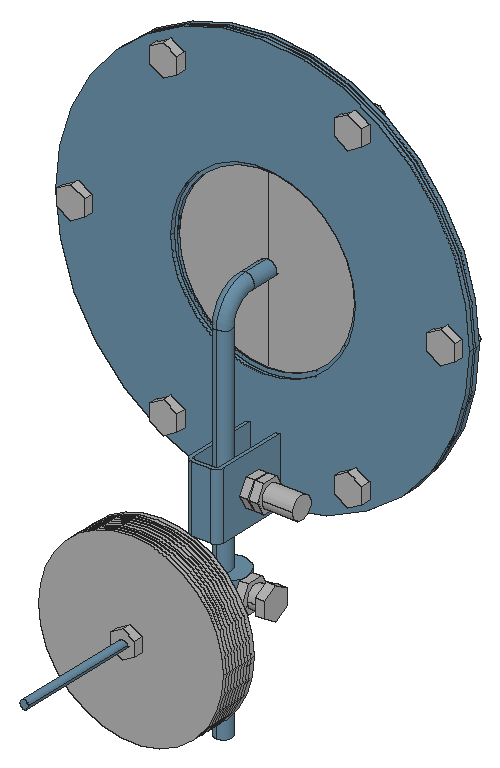
Revit family "Клапан надлишкового тиску КНТК_Ukr", category Mechanical Equipment, Revit 2021
Family settings
  Round Connector Dimension = Use Diameter
  Part Type = Normal
  OmniClass Number = 23.75.00.00
  OmniClass Title = Climate Control (HVAC)
  Work Plane-Based = No
  Always vertical = Yes
  Cut with Voids When Loaded = No
  Shared = No
  Room Calculation Point = No
Parameters (values of type "КНТК-100")
  Матеріал корпусу = Вуглецева сталь з порошковим покриттям RAL 5007 Muar
  Матеріал зони обслуговуваня = none
  Вага = 3.60 kg
  d = 12 mm
  R1 = D / 2  # 50 mm
  L = 325 mm
  H = 167.5 mm
  Default Elevation = 0 mm
  D2 = D1 + 24 mm  # 224 mm
  D1 = 200 mm
  D = 100 mm
  09_Назва системи [instance] = ""
  00_20_Тип = "КНТК-100"
  00_20_Назва = "Клапан надлишкового тиску КНТК"  # constant formula
  00_20_Виробник = "Вентс"  # constant formula
Types (6, lengths in mm): name | Матеріал корпусу | Вага | d | R1 | L | H | D2 | D1 | D | 00_20_Тип
  (no name) | Вуглецева сталь з порошковим покриттям RAL 5007 Muar | 3.60 kg | 12 | 50 | 325 | 167.5 | 224 | 200 | 100 | "КНТК-100"
  КНТК-100 | Вуглецева сталь з порошковим покриттям RAL 5007 Muar | 3.60 kg | 12 | 50 | 325 | 167.5 | 224 | 200 | 100 | "КНТК-100"
  КНТК-150 | none | 4.10 kg | 12 | 75 | 367.5 | 167.5 | 261.5 | 237.5 | 150 | "КНТК-150"
  КНТК-200 | none | 5.50 kg | 14 | 100 | 442.5 | 166.5 | 309 | 285 | 200 | "КНТК-200"
  КНТК-250 | none | 6.60 kg | 14 | 125 | 521 | 166.5 | 349 | 325 | 250 | "КНТК-250"
  КНТК-300 | none | 7.80 kg | 14 | 150 | 595 | 201.5 | 454 | 430 | 300 | "КНТК-300"
Reference planes
  plane 1 "Center (Front/Back)": y = 0
  plane 2: z = 0
  plane 3 "Center (Left/Right)": x = 0
  plane 4: z = 112
  plane 5: z = -112
  plane 6: z = -213
  plane 7: through (-43.5, -1524, 90.355) normal (0.5, 0, -0.866)
  plane 8: through (6.5, -1524, 3.753) normal (0.5, 0, -0.866)
  plane 9: through (43.5, -1524, 90.355) normal (0.5, 0, 0.866)
  plane 10: through (-43.5, -1524, -90.355) normal (-0.5, 0, -0.866)
  plane 11: through (43.5, -1524, -90.355) normal (-0.5, 0, 0.866)
  plane 12: through (6.5, -1524, -3.753) normal (-0.5, 0, -0.866)
  plane 13: x = -100
  plane 14: x = 100
  plane 15: z = -139.507
  plane 16: y = -33
Forms (mm)
  Sweep 1, solid, material "Вуглецева сталь з порошковим покриттям RAL 5007 Muar" <- "Матеріал корпусу"
    path origin (0, 10, 0) x (0, 0, 1) y (0, -1, 0)
      loop
        line (0, 10) -> (0, 28)
        arc (0, 28) -> (-4.393, 38.607) -> (-15, 43) r 15
        line (-15, 43) -> (-213, 43)
    profile origin (0, -9, 0) x (0, 0, -1) y (1, 0, 0)
      loop
        circle (0, 0) r 4.5
  Revolve 2, solid, material "Сталь"
    sketch origin (0, 0, 0) x (0, 1, 0) y (0, 0, 1)
      loop
        line (0, 4.5) -> (0, 50) -> (-2, 50) -> (-2, 48) -> (-3, 48) -> (-3, 4.5) -> (0, 4.5)
      axis (0, 0) -> (-3, 0)
    angle from 0 to 360
  Extrusion 3, solid, material "Вуглецева сталь з порошковим покриттям RAL 5007 Muar" <- "Матеріал корпусу"
    sketch origin (0, 0, 0) x (1, 0, 0) y (0, 0, 1)
      loop
        circle (0, 0) r 112
      loop
        circle (0, 0) r 50
    from 0 to 2
  Extrusion 4, solid, material "Вуглецева сталь з порошковим покриттям RAL 5007 Muar" <- "Матеріал корпусу"
    sketch origin (0, -4, 0) x (1, 0, 0) y (0, 0, 1)
      loop
        circle (0, 0) r 112
      loop
        circle (0, 0) r 50
    from 0 to 2
  Extrusion 5, solid, material "Сталь"
    sketch origin (0, -75, -139.507) x (1, 0, 0) y (0, 0, 1)
      loop
        circle (0, 0) r 50
    from 0 to 2
  Extrusion 6, solid, material "Вуглецева сталь з порошковим покриттям RAL 5007 Muar" <- "Матеріал корпусу"
    sketch origin (0, 0, 0) x (1, 0, 0) y (0, 1, 0)
      loop
        line (-9, -6) -> (-9, -43.991)
        arc (-9, -43.991) -> (-7.826, -46.826) -> (-4.991, -48) r 4.009
        line (-4.991, -48) -> (4.991, -48)
        arc (4.991, -48) -> (7.826, -46.826) -> (9, -43.991) r 4.009
        line (9, -43.991) -> (9, -6) -> (7, -6) -> (7, -43.991)
        arc (7, -43.991) -> (6.412, -45.412) -> (4.991, -46) r 2.009
        line (4.991, -46) -> (-4.967, -46)
        arc (-4.967, -46) -> (-6.404, -45.404) -> (-7, -43.967) r 2.033
        line (-7, -43.967) -> (-7, -6) -> (-9, -6)
    from -112 to -76
  Extrusion 7, solid, material "Вуглецева сталь з порошковим покриттям RAL 5007 Muar" <- "Матеріал корпусу"
    sketch origin (0, 0, 0) x (1, 0, 0) y (0, 1, 0)
      loop
        circle (0, -33) r 12.5
    from -147.012 to -132.001
  Extrusion 8, solid, material "Вуглецева сталь з порошковим покриттям RAL 5007 Muar" <- "Матеріал корпусу"
    sketch origin (0, 0, 22.141) x (1, 0, 0) y (0, 0, 1)
      loop
        circle (0, -161.647) r 2.25
    from 33 to 167.5
  Extrusion 9, solid, material "Вуглецева сталь з порошковим покриттям RAL 5007 Muar" <- "Матеріал корпусу"
    sketch origin (0, -2, 0) x (1, 0, 0) y (0, 0, 1)
      loop
        circle (0, 0) r 112
      loop
        circle (0, 0) r 48
    from 0 to 2
  Extrusion 10, solid, material "Сталь"
    sketch origin (0, -77, -139.507) x (1, 0, 0) y (0, 0, 1)
      loop
        circle (0, 0) r 50
    from 0 to 2
  Extrusion 11, solid, material "Сталь"
    sketch origin (0, -79, -139.507) x (1, 0, 0) y (0, 0, 1)
      loop
        circle (0, 0) r 50
    from 0 to 2
  Extrusion 12, solid, material "Сталь"
    sketch origin (0, -81, -139.507) x (1, 0, 0) y (0, 0, 1)
      loop
        circle (0, 0) r 50
    from 0 to 2
  Extrusion 13, solid, material "Сталь"
    sketch origin (0, -83, -139.507) x (1, 0, 0) y (0, 0, 1)
      loop
        circle (0, 0) r 50
    from 0 to 2
  Extrusion 14, solid, material "Сталь"
    sketch origin (0, -85, -139.507) x (1, 0, 0) y (0, 0, 1)
      loop
        circle (0, 0) r 50
    from 0 to 2
  Extrusion 15, solid, material "Сталь"
    sketch origin (0, -87, -139.507) x (1, 0, 0) y (0, 0, 1)
      loop
        circle (0, 0) r 50
    from 0 to 2
  Extrusion 16, solid, material "Сталь"
    sketch origin (0, -89, -139.507) x (1, 0, 0) y (0, 0, 1)
      loop
        circle (0, 0) r 50
    from 0 to 2
  Extrusion 17, solid, material "Сталь"
    sketch origin (0, -91, -139.507) x (1, 0, 0) y (0, 0, 1)
      loop
        circle (0, 0) r 50
    from 0 to 2
  Extrusion 18, solid, material "Сталь"
    sketch origin (0, -93, -139.507) x (1, 0, 0) y (0, 0, 1)
      loop
        circle (0, 0) r 50
    from 0 to 2
Cuts and joins
  joined: Sweep 1, Extrusion 7
Lines and regions (mm)
  reference lines, style "Centerline"
    curve 1: circle (0, -6, 0) r 100 normal (0, -1, 0)
  symbolic lines
    curve 2: line (0, -45.5, -132.001) -> (0, -45.5, -147.012)
Dimensions and locks
  locked: Revolve 2 sketch curve to Revolve 2 sketch curve at 2
  "R1": plane 2 to Revolve 2 sketch curve
  "D2": plane 5 to plane 4
  "L": plane 6 to plane 4
  equal spacing: plane 5, plane 2, plane 4
  equal spacing: Extrusion 6 sketch curve, plane 3 "Center (Left/Right)", Extrusion 6 sketch curve
  locked: Extrusion 6 to plane 5 at 36
  Extrusion 6 sketch curve to Extrusion 4 = 42 mm
  "D1": plane 11 to plane 7
  equal spacing: plane 11, plane 8, plane 7
  equal spacing: plane 10, plane 12, plane 9
  "D1": plane 9 to plane 10
  "D1": plane 14 to plane 13
  equal spacing: plane 14, plane 3 "Center (Left/Right)", plane 13
  "H": plane 1 "Center (Front/Back)" to Extrusion 8
  locked: plane 1 "Center (Front/Back)" to Extrusion 5 at 75
  Extrusion 7 to Extrusion 6 = 20.001 mm
  locked: Extrusion 7 to Extrusion 7 at 15.011
  equal spacing: Extrusion 8 sketch curve, plane 15, Extrusion 8 sketch curve
  locked: plane 5 to plane 15 at 27.507
  equal spacing: Extrusion 7, plane 15, Extrusion 7
  equal spacing: Extrusion 5 sketch curve, plane 15, Extrusion 5 sketch curve
  equal spacing: Extrusion 6, nested 9, plane 5
  Extrusion 10 sketch curve to Extrusion 10 sketch curve = 100 mm
  Extrusion 11 sketch curve to Extrusion 11 sketch curve = 100 mm
  Extrusion 12 sketch curve to Extrusion 12 sketch curve = 100 mm
  Extrusion 13 sketch curve to Extrusion 13 sketch curve = 100 mm
  Extrusion 14 sketch curve to Extrusion 14 sketch curve = 100 mm
  Extrusion 15 sketch curve to Extrusion 15 sketch curve = 100 mm
  Extrusion 16 sketch curve to Extrusion 16 sketch curve = 100 mm
  Extrusion 17 sketch curve to Extrusion 17 sketch curve = 100 mm
  Extrusion 18 sketch curve to Extrusion 18 sketch curve = 100 mm
  "D2": diameter of Extrusion 3 sketch curve
  "D": diameter of Extrusion 3 sketch curve
  "D1": diameter of curve 1
  "D2": diameter of Extrusion 4 sketch curve
  "D": diameter of Extrusion 4 sketch curve
  "D2": diameter of Extrusion 9 sketch curve
  aligned and locked: level to plane 2
  aligned and locked: Sweep 1 sketch curve to plane 2
  aligned and locked: plane 6 to Sweep 1 sketch curve
  aligned and locked: Extrusion 6 to plane 5
  aligned and locked: plane 7 to nested 5
  aligned and locked: nested 2 to plane 9
  aligned and locked: plane 13 to nested 3
  aligned and locked: nested 1 to plane 14
  aligned and locked: plane 11 to nested 4
  aligned and locked: nested 6 to plane 10
  aligned and locked: nested 3 to Extrusion 4
  aligned and locked: Extrusion 4 to nested 5
  aligned and locked: nested 1 to Extrusion 4
  aligned and locked: nested 2 to Extrusion 4
  aligned and locked: nested 6 to Extrusion 4
  aligned and locked: Extrusion 4 to nested 4
  aligned and locked: Extrusion 6 to nested 9
  aligned and locked: plane 3 "Center (Left/Right)" to nested 10
  aligned and locked: nested 11 to plane 3 "Center (Left/Right)"
  aligned and locked: nested 11 to Extrusion 5
  aligned and locked: nested 10 to plane 15
  aligned and locked: nested 12 to plane 15
  aligned and locked: nested 11 to plane 15
  aligned and locked: nested 7 to plane 15
  aligned and locked: nested 7 to plane 16
  aligned and locked: nested 8 to plane 15
  aligned and locked: plane 16 to nested 8
  aligned and locked: Extrusion 9 sketch curve to Revolve 2
Automatic sketch dimensions
  curve 2 to plane 16 = 12.5 mm
  curve 2 to plane 15 = 7.506 mm
  plane 15 to curve 2 = 7.506 mm
  Sweep 1 sketch curve to plane 16 = 0 mm
  Sweep 1 sketch curve to plane 1 "Center (Front/Back)" = 0 mm
  Sweep 1 sketch curve to level = 15 mm
  Sweep 1 sketch curve to plane 3 "Center (Left/Right)" = 0 mm
  Sweep 1 sketch curve to profile plane = 0 mm
  Extrusion 5 sketch curve to plane 3 "Center (Left/Right)" = 0 mm
  Extrusion 6 sketch curve to Extrusion 6 sketch curve = 0 mm  (x2)
  Extrusion 6 sketch curve to plane 3 "Center (Left/Right)" = 9 mm
  Extrusion 6 sketch curve to Extrusion 6 sketch curve = 2 mm  (x2)
  Extrusion 6 sketch curve to Extrusion 6 sketch curve = 2.009 mm
  Extrusion 6 sketch curve to Extrusion 6 sketch curve = 0.025 mm
  Extrusion 6 sketch curve to Extrusion 6 sketch curve = 4.009 mm
  plane 1 "Center (Front/Back)" to Extrusion 6 sketch curve = 6 mm  (x2)
  Extrusion 7 sketch curve to plane 3 "Center (Left/Right)" = 0 mm
  Extrusion 7 sketch curve to plane 16 = 0 mm
  Extrusion 8 sketch curve to plane 3 "Center (Left/Right)" = 0 mm
  Extrusion 10 sketch curve to plane 3 "Center (Left/Right)" = 0 mm
  Extrusion 10 sketch curve to plane 15 = 0 mm
  Extrusion 11 sketch curve to plane 3 "Center (Left/Right)" = 0 mm
  Extrusion 11 sketch curve to plane 15 = 0 mm
  Extrusion 12 sketch curve to plane 3 "Center (Left/Right)" = 0 mm
  Extrusion 12 sketch curve to plane 15 = 0 mm
  Extrusion 13 sketch curve to plane 3 "Center (Left/Right)" = 0 mm
  Extrusion 13 sketch curve to plane 15 = 0 mm
  Extrusion 14 sketch curve to plane 3 "Center (Left/Right)" = 0 mm
  Extrusion 14 sketch curve to plane 15 = 0 mm
  Extrusion 15 sketch curve to plane 3 "Center (Left/Right)" = 0 mm
  Extrusion 15 sketch curve to plane 15 = 0 mm
  Extrusion 16 sketch curve to plane 3 "Center (Left/Right)" = 0 mm
  Extrusion 16 sketch curve to plane 15 = 0 mm
  Extrusion 17 sketch curve to plane 3 "Center (Left/Right)" = 0 mm
  Extrusion 17 sketch curve to plane 15 = 0 mm
  Extrusion 18 sketch curve to plane 3 "Center (Left/Right)" = 0 mm
  Extrusion 18 sketch curve to plane 15 = 0 mm
  Revolve 2 sketch curve to level = 0 mm
  Revolve 2 sketch curve to plane 1 "Center (Front/Back)" = 0 mm  (x2)
  plane 1 "Center (Front/Back)" to Revolve 2 sketch curve = 2 mm
  plane 1 "Center (Front/Back)" to Revolve 2 sketch curve = 3 mm
  level to Revolve 2 sketch curve = 4.5 mm
  Revolve 2 sketch curve to Revolve 2 sketch curve = 2 mm
  Extrusion 3 sketch curve to Extrusion 3 sketch curve = 0 mm  (x2)
  Extrusion 3 sketch curve to level = 0 mm
  Extrusion 3 sketch curve to plane 3 "Center (Left/Right)" = 0 mm
  Extrusion 4 sketch curve to Extrusion 4 sketch curve = 0 mm  (x2)
  Extrusion 4 sketch curve to level = 0 mm
  Extrusion 4 sketch curve to plane 3 "Center (Left/Right)" = 0 mm
  Extrusion 9 sketch curve to Extrusion 9 sketch curve = 0 mm  (x2)
  radius of Sweep 1 sketch curve = 4.5 mm
  radius of Extrusion 5 sketch curve = 50 mm
  radius of Extrusion 7 sketch curve = 12.5 mm
  radius of Extrusion 8 sketch curve = 2.25 mm
Nested families
  nested 1: "bolt/nut" at (100, -6, 0) x (1, 0, 0) z (0, -1, 0), d <- "d", type "1"
    with nut no, d 12 mm, W3 0 mm, W2 13 mm, W1 6 mm, Material Сталь
  nested 2: "bolt/nut" at (50, -6, 86.603) x (0.5, 0, 0.866) z (0, -1, 0), d <- "d", type "1"
    with nut no, d 12 mm, W3 0 mm, W2 13 mm, W1 6 mm, Material Сталь
  nested 3: "bolt/nut" at (-100, -6, 0) x (1, 0, 0) z (0, -1, 0), d <- "d", type "1"
    with nut no, d 12 mm, W3 0 mm, W2 13 mm, W1 6 mm, Material Сталь
  nested 4: "bolt/nut" at (50, -6, -86.603) x (0.5, 0, -0.866) z (0, -1, 0), d <- "d", type "1"
    with nut no, d 12 mm, W3 0 mm, W2 13 mm, W1 6 mm, Material Сталь
  nested 5: "bolt/nut" at (-50, -6, 86.603) x (-0.5, 0, 0.866) z (0, -1, 0), d <- "d", type "1"
    with nut no, d 12 mm, W3 0 mm, W2 13 mm, W1 6 mm, Material Сталь
  nested 6: "bolt/nut" at (-50, -6, -86.603) x (-0.5, 0, -0.866) z (0, -1, 0), d <- "d", type "1"
    with nut no, d 12 mm, W3 0 mm, W2 13 mm, W1 6 mm, Material Сталь
  nested 7: "bolt/nut" at (-23.5, -33, -139.507) x (0, 1, 0) z (-1, 0, 0), type "1"
    with nut no, d 12 mm, W3 0 mm, W2 23.5 mm, W1 6 mm, Material Сталь
  nested 8: "bolt/nut" at (23.5, -33, -139.507) x (0, 1, 0) z (1, 0, 0), type "1"
    with nut no, d 12 mm, W3 0 mm, W2 23.5 mm, W1 6 mm, Material Сталь
  nested 9: "bolt/nut" at (-9, -24.996, -94) x (0, 1, 0) z (-1, 0, 0), type "1"
    with nut yes, d 12 mm, W3 0 mm, W2 45 mm, W1 18 mm, Material Сталь
  nested 10: "Family2" at (0, -94, -139.507) x (1, 0, 0) z (0, -1, 0), type "Family2"
    with d 4.5 mm, Washer no, Material Сталь
  nested 11: "Family2" at (0, -76, -139.507) x (-1, 0, 0) z (0, 1, 0), type "Family2"
    with d 4.5 mm, Washer no, Material Сталь
  nested 12: "Family2" at (0, -45.5, -139.507) x (1, 0, 0) z (0, -1, 0), type "Family2"
    with d 4.5 mm, Washer yes, Material Сталь
Definition of nested family "bolt/nut"
  Parameters (values of type "1")
    nut [instance] = yes
    d [instance] = 12 mm
    W3 [instance] = 0 mm
    W2 [instance] = 25 mm
    W1 [instance] = 15 mm
    Material [instance] = none
    Default Elevation = 0 mm
  Reference planes
    plane 1 "Center (Front/Back)": y = 0
    plane 2: z = 0
    plane 3 "Center (Left/Right)": x = 0
  Forms (mm)
    Extrusion 1, solid, material <- "Material"
      sketch origin (0, 0, 0) x (1, 0, 0) y (0, 1, 0)
        loop
          line (7.506, 4.333) -> (0, 8.667) -> (-7.506, 4.333) -> (-7.506, -4.333) -> (0, -8.667) -> (7.506, -4.333) -> (7.506, 4.333)
      from 0 to 5
    Extrusion 2, solid, material <- "Material"
      sketch origin (0, 0, 0) x (1, 0, 0) y (0, 1, 0)
        loop
          circle (0, 0) r 6
      from 0 to -25
    Extrusion 3, solid, material <- "Material"
      sketch origin (0, 0, -20) x (0, -1, 0) y (1, 0, 0)
        loop
          line (-7.5, -4.33) -> (0, -8.66) -> (7.5, -4.33) -> (7.5, 4.33) -> (0, 8.66) -> (-7.5, 4.33) -> (-7.5, -4.33)
      from 0 to 5
    Extrusion 4, solid, material <- "Material", visible <- "nut"
      sketch origin (0, 0, -25) x (0, -1, 0) y (1, 0, 0)
        loop
          line (7.5, 4.33) -> (0, 8.66) -> (-7.5, 4.33) -> (-7.5, -4.33) -> (0, -8.66) -> (7.5, -4.33) -> (7.5, 4.33)
      from 0 to 5
    Extrusion 5, void
      sketch origin (0, 0, 0) x (1, 0, 0) y (0, 1, 0)
        loop
          circle (0, 0) r 6
      from -25 to -15
  Cuts and joins
    Extrusion 5 cuts Extrusion 1
    joined: Extrusion 1, Extrusion 2
    Extrusion 5 cuts Extrusion 3
    Extrusion 5 cuts Extrusion 4
  Dimensions and locks
    "W2": plane 2 to Extrusion 2
    locked: Extrusion 1 to plane 2 at 5
    "W1": plane 2 to Extrusion 3
    locked: Extrusion 3 to Extrusion 3 at 5
    locked: Extrusion 4 to Extrusion 4 at 5
    "W3": Extrusion 3 to Extrusion 4
    "d": diameter of Extrusion 2 sketch curve
    aligned and locked: level to plane 2
    aligned and locked: Extrusion 4 to Extrusion 5
    aligned and locked: cut or joined group of Extrusion 3, Extrusion 5 to Extrusion 5
    aligned and locked: Extrusion 2 to cut or joined group of Extrusion 1, Extrusion 2, Extrusion 5
  Automatic sketch dimensions
    plane 1 "Center (Front/Back)" to Extrusion 5 sketch curve = 0 mm
    Extrusion 5 sketch curve to plane 3 "Center (Left/Right)" = 0 mm
    Extrusion 1 sketch curve to plane 3 "Center (Left/Right)" = 0 mm  (x2)
    Extrusion 1 sketch curve to plane 1 "Center (Front/Back)" = 4.333 mm  (x2)
    Extrusion 1 sketch curve to plane 3 "Center (Left/Right)" = 7.506 mm
    plane 1 "Center (Front/Back)" to Extrusion 1 sketch curve = 4.333 mm  (x2)
    plane 1 "Center (Front/Back)" to Extrusion 1 sketch curve = 8.667 mm
    plane 3 "Center (Left/Right)" to Extrusion 1 sketch curve = 7.506 mm
    Extrusion 1 sketch curve to Extrusion 1 sketch curve = 4.333 mm
    plane 1 "Center (Front/Back)" to Extrusion 3 sketch curve = 0 mm  (x2)
    Extrusion 3 sketch curve to plane 1 "Center (Front/Back)" = 7.5 mm
    plane 1 "Center (Front/Back)" to Extrusion 3 sketch curve = 7.5 mm
    Extrusion 3 sketch curve to plane 3 "Center (Left/Right)" = 8.66 mm
    Extrusion 3 sketch curve to plane 3 "Center (Left/Right)" = 4.33 mm  (x2)
    plane 3 "Center (Left/Right)" to Extrusion 3 sketch curve = 4.33 mm  (x2)
    Extrusion 3 sketch curve to Extrusion 3 sketch curve = 4.33 mm
    plane 1 "Center (Front/Back)" to Extrusion 4 sketch curve = 0 mm
    Extrusion 4 sketch curve to plane 1 "Center (Front/Back)" = 0 mm
    plane 3 "Center (Left/Right)" to Extrusion 4 sketch curve = 4.33 mm  (x2)
    Extrusion 4 sketch curve to plane 1 "Center (Front/Back)" = 7.5 mm
    plane 1 "Center (Front/Back)" to Extrusion 4 sketch curve = 7.5 mm
    Extrusion 4 sketch curve to plane 3 "Center (Left/Right)" = 4.33 mm  (x2)
    Extrusion 4 sketch curve to Extrusion 4 sketch curve = 4.33 mm
    plane 3 "Center (Left/Right)" to Extrusion 4 sketch curve = 8.66 mm
    plane 1 "Center (Front/Back)" to Extrusion 2 sketch curve = 0 mm
    Extrusion 2 sketch curve to plane 3 "Center (Left/Right)" = 0 mm
    radius of Extrusion 5 sketch curve = 6 mm
Definition of nested family "Family2"
  Parameters (values of type "Family2")
    d [instance] = 4.5 mm
    Washer [instance] = yes
    Material [instance] = none
    Default Elevation = 0 mm
  Reference planes
    plane 1 "Center (Front/Back)": y = 0
    plane 2: z = 0
    plane 3 "Center (Left/Right)": x = 0
  Forms (mm)
    Extrusion 1, solid, material <- "Material"
      sketch origin (0, 0, 0) x (1, 0, 0) y (0, 1, 0)
        loop
          line (6.5, 3.753) -> (0, 7.506) -> (-6.5, 3.753) -> (-6.5, -3.753) -> (0, -7.506) -> (6.5, -3.753) -> (6.5, 3.753)
      from 2 to 7
    Extrusion 2, solid, material <- "Material"
      sketch origin (0, 0, 0) x (1, 0, 0) y (0, 1, 0)
        loop
          circle (0, 0) r 5
      from 1 to 2
    Extrusion 3, solid, material <- "Material", visible <- "Washer"
      sketch origin (0, 0, 0) x (1, 0, 0) y (0, 1, 0)
        loop
          circle (0, 0) r 7.506
      from 0 to 1
    Extrusion 4, void
      sketch origin (0, 0, 0) x (1, 0, 0) y (0, 1, 0)
        loop
          circle (0, 0) r 2.25
      from 0 to 7
  Cuts and joins
    Extrusion 4 cuts Extrusion 1
    Extrusion 4 cuts Extrusion 2
    Extrusion 4 cuts Extrusion 3
  Dimensions and locks
    locked: Extrusion 1 to Extrusion 2 at 5
    locked: Extrusion 2 to Extrusion 3 at 1
    locked: Extrusion 3 to plane 2 at 1
    "d": diameter of Extrusion 4 sketch curve
    aligned and locked: level to plane 2
    aligned and locked: Extrusion 1 to Extrusion 4
    aligned and locked: cut or joined group of Extrusion 3, Extrusion 4 to plane 2
  Automatic sketch dimensions
    Extrusion 1 sketch curve to plane 3 "Center (Left/Right)" = 0 mm  (x2)
    Extrusion 1 sketch curve to plane 3 "Center (Left/Right)" = 6.5 mm
    plane 3 "Center (Left/Right)" to Extrusion 1 sketch curve = 6.5 mm
    plane 1 "Center (Front/Back)" to Extrusion 1 sketch curve = 7.506 mm
    plane 1 "Center (Front/Back)" to Extrusion 1 sketch curve = 3.753 mm  (x2)
    Extrusion 1 sketch curve to plane 1 "Center (Front/Back)" = 3.753 mm  (x2)
    Extrusion 1 sketch curve to Extrusion 1 sketch curve = 3.753 mm
    plane 1 "Center (Front/Back)" to Extrusion 2 sketch curve = 0 mm
    Extrusion 2 sketch curve to plane 3 "Center (Left/Right)" = 0 mm
    plane 1 "Center (Front/Back)" to Extrusion 3 sketch curve = 0 mm
    Extrusion 3 sketch curve to plane 3 "Center (Left/Right)" = 0 mm
    plane 1 "Center (Front/Back)" to Extrusion 4 sketch curve = 0 mm
    Extrusion 4 sketch curve to plane 3 "Center (Left/Right)" = 0 mm
    radius of Extrusion 2 sketch curve = 5 mm
    radius of Extrusion 3 sketch curve = 7.506 mm
